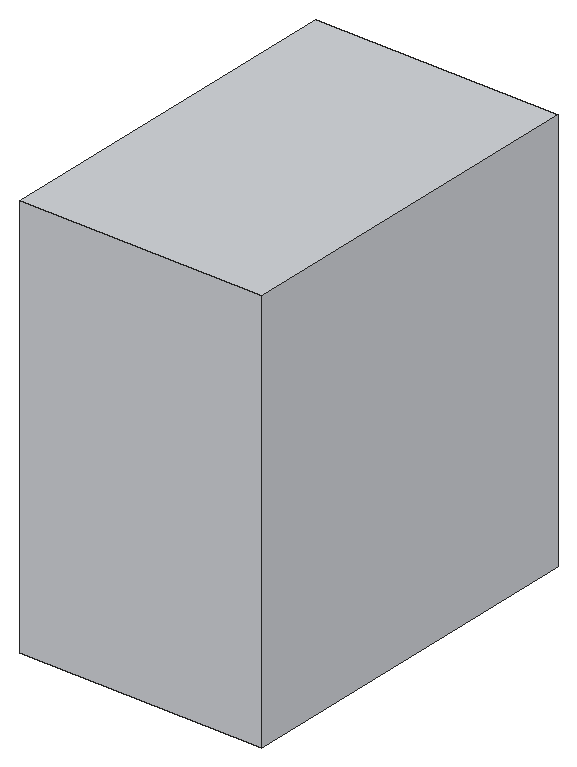
Revit family
Parameters
  Warranty Duration (Years) = 0
  Unit Width [instance] = 1' - 5 1/4"
  Unit Height [instance] = 1' - 7"
  Unit Depth = 0' - 0 15/16"
  URL = "http://www.americanspecialties.com/viewCategories.cfm"
  Trim Material = Metal - Stainless Steel
  Test Data = ""
  Specification = "http://www.arcat.com/sdspecs/htm/10810asi.htm"
  SpecWizard = ""
  Send Message = "http://www.arcat.com/users.pl?action=UserEmail&company=American%20Specialties,%20Inc.&coid=30448&rep=139&fax=914-476-0688&mf="
  Sales Information = "http://www.americanspecialties.com/contact"
  Revision = "R1_10-2010"
  Product Properties = "http://www.americanspecialties.com/datasheets/20469.pdf"
  Product Data = "http://www.arcat.com/arcatcos/cos30/arc30448.html"
  Model = "As Specified in 10 28 13"
  Manufacturer Website = "http://www.americanspecialties.com/viewCategories.cfm"
  Manufacturer Phone - Toll Free = ""
  Manufacturer Phone = "914-476-9000 "
  Manufacturer Fax = "914-476-0688"
  Manufacturer Address = "441 Saw Mill River Rd., Yonkers, NY 10701"
  Manufacturer = "American Specialties, Inc."
  Maintenance Schedule (Months) = 0
  Keynote = "10 28 13"
  Installation-Fabrication = "http://www.americanspecialties.com/products.cfm"
  Green Building-LEED = ""
  Expected Lifespan (Years) = 0
  Drawn By = "Robert S. Weygant. CSI, CDT, SCIP"  # constant formula
  Description = "Toilet Accessory as Specified in 10 28 13"
  Default Elevation = 4' - 0"
  Copyright = "©Arcat Inc."
  Construction Details = "http://www.arcat.com/green/clients/leed_data_30448.html"
  Building Codes = "http://www.americanspecialties.com/products.cfm"
  Body Material = Metal - Stainless Steel
  Assembly Code = "C1030210"
Reference planes (in)
  plane 1 "Center (Front/Back)": y = -0.29112
  plane 2 "Floor Line": z = 0
  plane 3 "Center (Left/Right)": x = -0.65843
Forms (in)
  Extrusion 1, solid
    sketch origin (-3, -9, -6) x (0, 0, -1) y (1, 0, 0)
      loop
        line (-82, 26) -> (-82, -19.34712) -> (-6, -19.34712) -> (-6, 26) -> (-82, 26)
    from 28.29112 to -41.06337
  Extrusion 2, solid, material "Metal - Stainless Steel" <- "Body Material"
    sketch origin (-0.90625, 17.99013, 0.125) x (1, 0, 0) y (0, 0, 1)
      loop
        line (-8.18968, 0) -> (8.68532, 0) -> (8.68532, 0.36407)
        arc (8.68532, 0.36407) -> (8.5685, 0.68527) -> (8.27263, 0.85639) r 0.5
        arc (8.27263, 0.85639) -> (0.24782, 1.5625) -> (-7.777, 0.85639) r 45.95312
        arc (-7.777, 0.85639) -> (-8.07287, 0.68527) -> (-8.18968, 0.36407) r 0.5
        line (-8.18968, 0.36407) -> (-8.18968, 0)
    from -9.5 to 9.39063
  Extrusion 3, solid, material "Metal - Stainless Steel" <- "Body Material"
    sketch origin (0.00153, 0, 0) x (1, 0, 0) y (0, 1, 0)
      loop
        line (-8.34746, 26.77138) -> (-8.34746, -27.36006) -> (7.02754, -27.36006) -> (7.02754, 26.77138) -> (-8.34746, 26.77138)
    from 0 to -3.875
  Extrusion 4, solid, material "Metal - Stainless Steel" <- "Body Material"
    sketch origin (0, 0, 0) x (1, 0, 0) y (0, 1, 0)
      loop
        line (-9.34593, -28.32237) -> (8.02907, -28.32237) -> (8.02907, 27.74013) -> (-9.34593, 27.74013) -> (-9.34593, -28.32237)
      loop
        line (-8.34593, -27.32237) -> (7.02907, -27.32237) -> (7.02907, 26.74013) -> (-8.34593, 26.74013) -> (-8.34593, -27.32237)
    from 0 to 0.125
  Extrusion 5, solid, material "Metal - Stainless Steel" <- "Body Material"
    sketch origin (0, -0.29112, 0) x (1, 0, 0) y (0, 0, 1)
      loop
        line (-9.09593, 0.125) -> (7.77834, 0.125) -> (7.77834, 2.35068)
        arc (7.77834, 2.35068) -> (7.71561, 2.59317) -> (7.54314, 2.77481) r 0.5
        arc (7.54314, 2.77481) -> (-0.65879, 5.125) -> (-8.86073, 2.77481) r 15.48706
        arc (-8.86073, 2.77481) -> (-9.0332, 2.59317) -> (-9.09593, 2.35068) r 0.5
        line (-9.09593, 2.35068) -> (-9.09593, 0.125)
    from 1.90625 to 27.78125
  Extrusion 6, void
    sketch origin (0.00153, -0.29112, 0) x (1, 0, 0) y (0, 0, 1)
      loop
        line (6.99629, 0.15882) -> (7.73793, 0.15882) -> (7.73793, 2.34985)
        arc (7.73793, 2.34985) -> (7.67851, 2.57827) -> (7.5153, 2.74879) r 0.46875
        arc (7.5153, 2.74879) -> (-0.64803, 5.06432) -> (-8.81136, 2.74879) r 15.54755
        arc (-8.81136, 2.74879) -> (-8.97457, 2.57827) -> (-9.03399, 2.34985) r 0.46875
        line (-9.03399, 2.34985) -> (-9.03399, 0.15625) -> (-8.31621, 0.15625) -> (-8.31621, -3.82088) -> (6.99629, -3.82088) -> (6.99629, 0.15882)
    from 1.90625 to 27.02901
  Extrusion 7, void
    sketch origin (-0.6569, 0, 0) x (0, 1, 0) y (0, 0, 1)
      loop
        line (8.59951, 0.125) -> (-2.19737, 0.125) -> (-2.19737, -3.82088)
        arc (-2.19737, -3.82088) -> (-1.24424, -3.46818) -> (-0.29112, -3.82088) r 1.46418
        line (-0.29112, -3.82088) -> (6.45956, -3.82088) -> (8.59951, -0.02561) -> (8.59951, 0.125)
    from -7.65778 to 7.65472
  Extrusion 8, solid, material "Metal - Stainless Steel" <- "Trim Material"
    sketch origin (0, -1.63305, 0) x (1, 0, 0) y (0, 1, 0)
      loop
        circle (-0.65843, 0.44597) r 0.5
      loop
        line (-0.72536, 0.89146) -> (-0.72536, 0.00958) -> (-0.5915, 0.00958) -> (-0.5915, 0.89146) -> (-0.72536, 0.89146)
    from -3.59182 to -3.38317
  Extrusion 9, solid, material "Metal - Stainless Steel" <- "Trim Material"
    sketch origin (-6.9367, 17.93351, 5.06417) x (0.991083, 0, 0.133247) y (0, 1, 0)
      loop
        circle (-0.65843, 0.11131) r 0.25
      loop
        line (-0.68399, 0.31866) -> (-0.68399, -0.11177) -> (-0.63288, -0.11177) -> (-0.63288, 0.31866) -> (-0.68399, 0.31866)
    from -3.81645 to -3.71332
  Extrusion 10, void
    sketch origin (0, 2.18962, 3.71084) x (1, 0, 0) y (0, 0.490031, 0.871705)
      loop
        arc (-4.66147, -1.98149) -> (-4.91147, -2.23149) -> (-4.66147, -2.48149) r 0.25
        line (-4.66147, -2.48149) -> (-3.66147, -2.48149)
        arc (-3.66147, -2.48149) -> (-0.65843, -2.80103) -> (2.34461, -2.48149) r 14.27114
        line (2.34461, -2.48149) -> (3.34461, -2.48149)
        arc (3.34461, -2.48149) -> (3.59461, -2.23149) -> (3.34461, -1.98149) r 0.25
        line (3.34461, -1.98149) -> (2.34461, -1.98149)
        arc (2.34461, -1.98149) -> (-0.65843, -1.43557) -> (-3.66147, -1.98149) r 8.53263
        line (-3.66147, -1.98149) -> (-4.66147, -1.98149)
    from -7.41686 to -7.67115
  Extrusion 11, void
    sketch origin (0, 0, 0) x (1, 0, 0) y (0, 1, 0)
      loop
        line (-8.34593, 26.77138) -> (-8.34593, -27.36006) -> (7.02907, -27.36006) -> (7.02907, 26.77138) -> (-8.34593, 26.77138)
    from 0 to -3.875
Cuts and joins
  Extrusion 6, Extrusion 7, Extrusion 10 cuts Extrusion 3
  Extrusion 6, Extrusion 7 cuts Extrusion 4
  Extrusion 6, Extrusion 7 cuts Extrusion 5
  Extrusion 7 cuts Extrusion 2
Dimensions and locks (in)
  aligned and locked: Extrusion 1 to level
